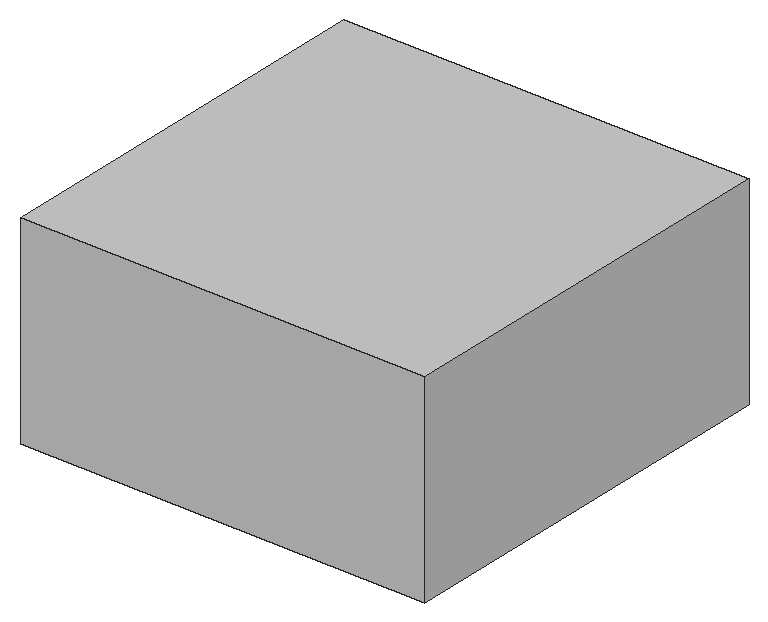
Revit family "BHE_StructuralFoundations_Pad-Rectangular", category Structural Foundations, Revit 2024
Family settings
  Material for Model Behavior = Concrete
  Cap = No
  Work Plane-Based = Yes
  Always vertical = Yes
  Cut with Voids When Loaded = No
  Shared = No
  Show family pre-cut in plan views = Yes
Parameters (values of type "1000x1000x500 DP")
  Width = BHE_Width  # 1000 mm
  Volume = 0.50 m³
  Structural Material [instance] = none
  Reinforcement Specs [instance] = ""
  Pad Type = "P1"
  Mesh [instance] = ""
  Length = BHE_Length  # 1000 mm
  Foundation Thickness = BHE_Depth  # 500 mm
  Default Elevation = 1219.2 mm
  BHE_Width = 1000 mm
  BHE_Length = 1000 mm
  BHE_Depth = 500 mm
Reference planes
  plane 1 "Center (Front/Back)": y = 0
  plane 2: z = 0
  plane 3 "Center (Left/Right)": x = 0
  plane 4: x = -500
  plane 5: x = 500
  plane 6: y = 500
  plane 7: y = -500
  plane 8: z = -500
Forms (mm)
  Extrusion 1, solid, material <- "Structural Material"
    sketch origin (0, 0, 0) x (1, 0, 0) y (0, 1, 0)
      loop
        line (-500, 500) -> (-500, -500) -> (500, -500) -> (500, 500) -> (-500, 500)
    from -500 to 0
Dimensions and locks
  equal spacing: plane 4, plane 3 "Center (Left/Right)", plane 5
  "Length": plane 4 to plane 5
  equal spacing: plane 7, plane 1 "Center (Front/Back)", plane 6
  "Width": plane 7 to plane 6
  "Foundation Thickness": plane 2 to plane 8
  aligned and locked: plane 4 to Extrusion 1 sketch curve
  aligned and locked: Extrusion 1 sketch curve to plane 6
  aligned and locked: plane 7 to Extrusion 1 sketch curve
  aligned and locked: plane 5 to Extrusion 1 sketch curve
  aligned and locked: Extrusion 1 to plane 8
  aligned and locked: plane 2 to Extrusion 1
